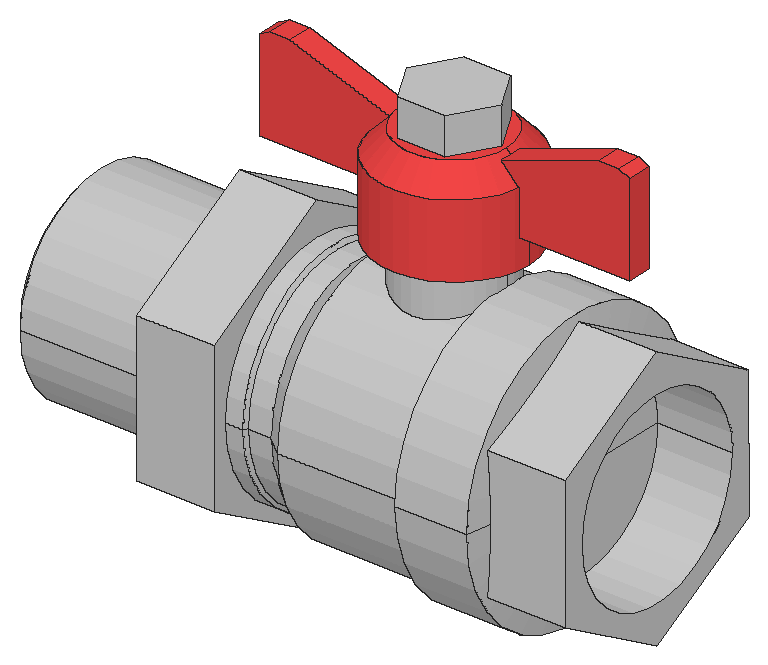
Revit family "РИДАН_BVR-FR_Кран шаровой ГОСТ полнопроходной с накидной гайкой и ниппелем", category Арматура трубопроводов, Revit 2019
Family settings
  Размер круглого соединителя = Использовать диаметр
  Тип детали = Вставляется
  На основе рабочей плоскости = Нет
  Всегда вертикально = Да
  При загрузке вырезать с полостями = Нет
  Общий = Нет
Parameters (values of type "DN32")
  Ручка_цвет = Ручка
  Корпус = Латунь никелированная
  Контакты_Производитель = "info@ridan.ru"  # constant formula
  Длина_УГО = t1  # 83.850 mm
  z = 17.000 mm
  y = size_lookup(LT, "y", 23.000 mm, ADSK_Диаметр условный)  # 15.130 mm
  x = size_lookup(LT, "x", 23.000 mm, ADSK_Диаметр условный)  # 22.000 mm
  w = size_lookup(LT, "w", 23.000 mm, ADSK_Диаметр условный)  # 15.560 mm
  v = size_lookup(LT, "v", 23.000 mm, ADSK_Диаметр условный)  # 0.940 mm
  u = size_lookup(LT, "u", 23.000 mm, ADSK_Диаметр условный)  # 14.750 mm
  t1 = size_lookup(LT, "t1", 23.000 mm, ADSK_Диаметр условный)  # 83.850 mm
  t = size_lookup(LT, "t", 23.000 mm, ADSK_Диаметр условный)  # 1.250 mm
  s1 = size_lookup(LT, "s1", 23.000 mm, ADSK_Диаметр условный)  # 15.750 mm
  s = size_lookup(LT, "s", 23.000 mm, ADSK_Диаметр условный)  # 24.500 mm
  r1 = size_lookup(LT, "r1", 23.000 mm, ADSK_Диаметр условный)  # 39.000 mm
  r = size_lookup(LT, "r", 23.000 mm, ADSK_Диаметр условный)  # 4.190 mm
  q = size_lookup(LT, "q", 23.000 mm, ADSK_Диаметр условный)  # 4.710 mm
  p1 = size_lookup(LT, "p1", 23.000 mm, ADSK_Диаметр условный)  # 7.500 mm
  p = size_lookup(LT, "p", 23.000 mm, ADSK_Диаметр условный)  # 0.480 mm
  o1 = size_lookup(LT, "o1", 23.000 mm, ADSK_Диаметр условный)  # 17.000 mm
  o = size_lookup(LT, "o", 23.000 mm, ADSK_Диаметр условный)  # 3.720 mm
  n1 = size_lookup(LT, "n1", 23.000 mm, ADSK_Диаметр условный)  # 11.400 mm
  n = size_lookup(LT, "n", 23.000 mm, ADSK_Диаметр условный)  # 16.000 mm
  m1 = size_lookup(LT, "m1", 23.000 mm, ADSK_Диаметр условный)  # 18.810 mm
  m = size_lookup(LT, "m", 23.000 mm, ADSK_Диаметр условный)  # 28.500 mm
  l1 = size_lookup(LT, "l1", 23.000 mm, ADSK_Диаметр условный)  # 6.070 mm
  l = size_lookup(LT, "l", 23.000 mm, ADSK_Диаметр условный)  # 1.500 mm
  k1 = size_lookup(LT, "k1", 23.000 mm, ADSK_Диаметр условный)  # 21.840 mm
  k = size_lookup(LT, "k", 23.000 mm, ADSK_Диаметр условный)  # 57.000 mm
  j1 = size_lookup(LT, "j1", 23.000 mm, ADSK_Диаметр условный)  # 7.280 mm
  j = size_lookup(LT, "j", 23.000 mm, ADSK_Диаметр условный)  # 54.500 mm
  i1 = size_lookup(LT, "i1", 23.000 mm, ADSK_Диаметр условный)  # 4.850 mm
  i = size_lookup(LT, "i", 23.000 mm, ADSK_Диаметр условный)  # 47.000 mm
  h1 = size_lookup(LT, "h1", 23.000 mm, ADSK_Диаметр условный)  # 15.170 mm
  h = size_lookup(LT, "h", 23.000 mm, ADSK_Диаметр условный)  # 45.000 mm
  g1 = size_lookup(LT, "g1", 23.000 mm, ADSK_Диаметр условный)  # 31.010 mm
  g = size_lookup(LT, "g", 23.000 mm, ADSK_Диаметр условный)  # 38.110 mm
  f1 = size_lookup(LT, "f1", 23.000 mm, ADSK_Диаметр условный)  # 20.450 mm
  f = size_lookup(LT, "f", 23.000 mm, ADSK_Диаметр условный)  # 41.900 mm
  e1 = size_lookup(LT, "e1", 23.000 mm, ADSK_Диаметр условный)  # 4.140 mm
  e = size_lookup(LT, "e", 23.000 mm, ADSK_Диаметр условный)  # 46.130 mm
  d1 = size_lookup(LT, "d1", 23.000 mm, ADSK_Диаметр условный)  # 2.180 mm
  d = size_lookup(LT, "d", 23.000 mm, ADSK_Диаметр условный)  # 47.800 mm
  c1 = size_lookup(LT, "c1", 23.000 mm, ADSK_Диаметр условный)  # 1.190 mm
  c = size_lookup(LT, "c", 23.000 mm, ADSK_Диаметр условный)  # 53.000 mm
  b1 = size_lookup(LT, "b1", 23.000 mm, ADSK_Диаметр условный)  # 5.760 mm
  b = size_lookup(LT, "b", 23.000 mm, ADSK_Диаметр условный)  # 53.000 mm
  a1 = size_lookup(LT, "a1", 23.000 mm, ADSK_Диаметр условный)  # 13.050 mm
  a = size_lookup(LT, "a", 23.000 mm, ADSK_Диаметр условный)  # 34.000 mm
  URL = "https://ridan.ru/"
  LT = "BVR-FR"  # constant formula
  ADSK_Расход жидкости [instance] = 0.0 L/s
  ADSK_Пропускная способность [instance] = size_lookup(LT, "Kv", 0.0 L/s, ADSK_Диаметр условный)  # 23.3333 L/s
  ADSK_Потеря давления жидкости [instance] = 100000.0 Pa * (ADSK_Расход жидкости / ADSK_Пропускная способность) ^ 2  # 0.0 Pa
  ADSK_Наименование = "Кран шаровой ГОСТ BVR-FR полнопроходной с накидной гайкой и ниппелем PN40, Tmax=120C, DN32"
  ADSK_Масса_Текст = ""
  ADSK_Масса = size_lookup(LT, "M", 0, ADSK_Диаметр условный)  # 0.9
  ADSK_Марка = size_lookup(LT, "Mark", "", ADSK_Диаметр условный)  # "BVR-FR DN32"
  ADSK_Количество = 1  # constant formula
  ADSK_Код изделия = size_lookup(LT, "", "", ADSK_Диаметр условный)  # "065B8306RG"
  ADSK_Завод-изготовитель = "ООО «Ридан-Трейд»"  # constant formula
  ADSK_Единица измерения = "шт."
  ADSK_Диаметр условный = 32 mm
  ADSK_Версия семейства = "1.0"  # constant formula
  ADSK_Версия Revit = "2019"  # constant formula
Types (5, lengths in mm): name | Длина_УГО | y | x | w | v | u | t1 | s1 | s | r1 | r | q | p1 | p | o1 | o | n1 | n | m1 | m | l1 | l | k1 | k | j1 | j | i1 | i | h1 | h | g1 | g | f1 | f | e1 | e | d1 | d | c1 | c | b1 | b | a1 | a | ADSK_Пропускная способность | ADSK_Наименование | ADSK_Масса | ADSK_Марка | ADSK_Код изделия | ADSK_Диаметр условный
  (no name) | 83.850 | 15.130 | 22.000 | 15.560 | 0.940 | 14.750 | 83.850 | 15.750 | 24.500 | 39.000 | 4.190 | 4.710 | 7.500 | 0.480 | 17.000 | 3.720 | 11.400 | 16.000 | 18.810 | 28.500 | 6.070 | 1.500 | 21.840 | 57.000 | 7.280 | 54.500 | 4.850 | 47.000 | 15.170 | 45.000 | 31.010 | 38.110 | 20.450 | 41.900 | 4.140 | 46.130 | 2.180 | 47.800 | 1.190 | 53.000 | 5.760 | 53.000 | 13.050 | 34.000 | 23.3333 L/s | "Кран шаровой ГОСТ BVR-FR полнопроходной с накидной гайкой и ниппелем PN40, Tmax=120C, DN32" | 0.9 | "BVR-FR DN32" | "065B8306RG" | 32
  DN15 | 52.230 | 10.350 | 15.000 | 8.920 | 1.080 | 12.250 | 52.230 | 9.850 | 12.850 | 19.000 | 1.150 | 2.500 | 4.000 | 0.780 | 13.000 | 0.800 | 8.630 | 12.000 | 12.500 | 17.300 | 5.000 | 1.200 | 16.500 | 30.000 | 4.000 | 27.500 | 3.000 | 25.000 | 11.500 | 20.000 | 20.910 | 18.300 | 5.620 | 20.700 | 6.250 | 23.500 | 4.000 | 26.400 | 2.000 | 27.500 | 3.620 | 30.000 | 11.500 | 17.000 | 3.88889 L/s | "Кран шаровой ГОСТ BVR-FR полнопроходной с накидной гайкой и ниппелем PN40, Tmax=120C, DN15" | 0.27 | "BVR-FR DN15" | "065B8303RG" | 15
  DN20 | 54.570 | 9.990 | 15.000 | 10.030 | 0.470 | 11.750 | 54.570 | 11.100 | 14.990 | 24.500 | 1.010 | 1.250 | 4.000 | 0.620 | 13.000 | 0.800 | 8.630 | 13.000 | 12.500 | 19.800 | 5.000 | 1.200 | 16.500 | 35.500 | 4.000 | 33.000 | 3.000 | 30.000 | 11.500 | 25.000 | 20.910 | 24.000 | 5.740 | 26.400 | 6.130 | 29.500 | 4.000 | 31.810 | 2.000 | 33.000 | 3.620 | 36.500 | 8.880 | 19.500 | 7.22222 L/s | "Кран шаровой ГОСТ BVR-FR полнопроходной с накидной гайкой и ниппелем PN40, Tmax=120C, DN20" | 0.37 | "BVR-FR DN20" | "065B8304RG" | 20
  DN25 | 62.840 | 11.700 | 19.000 | 13.400 | 0.600 | 13.250 | 62.840 | 12.250 | 16.700 | 30.500 | 1.300 | 3.500 | 5.970 | 1.290 | 17.000 | 0.800 | 9.390 | 14.000 | 15.500 | 21.500 | 5.000 | 1.500 | 18.000 | 44.000 | 6.000 | 41.500 | 4.000 | 37.000 | 12.500 | 35.000 | 26.050 | 30.000 | 7.070 | 33.000 | 9.190 | 37.000 | 5.810 | 41.500 | 5.000 | 41.900 | 4.760 | 47.000 | 10.740 | 28.000 | 10.0 L/s | "Кран шаровой ГОСТ BVR-FR полнопроходной с накидной гайкой и ниппелем PN40, Tmax=120C, DN25" | 0.63 | "BVR-FR DN25" | "065B8305RG" | 25
  DN32 | 83.850 | 15.130 | 22.000 | 15.560 | 0.940 | 14.750 | 83.850 | 15.750 | 24.500 | 39.000 | 4.190 | 4.710 | 7.500 | 0.480 | 17.000 | 3.720 | 11.400 | 16.000 | 18.810 | 28.500 | 6.070 | 1.500 | 21.840 | 57.000 | 7.280 | 54.500 | 4.850 | 47.000 | 15.170 | 45.000 | 31.010 | 38.110 | 20.450 | 41.900 | 4.140 | 46.130 | 2.180 | 47.800 | 1.190 | 53.000 | 5.760 | 53.000 | 13.050 | 34.000 | 23.3333 L/s | "Кран шаровой ГОСТ BVR-FR полнопроходной с накидной гайкой и ниппелем PN40, Tmax=120C, DN32" | 0.9 | "BVR-FR DN32" | "065B8306RG" | 32
Reference planes
  plane 1 "По центру (Вперед/Назад)": y = 0
  plane 2: z = 0
  plane 3 "По центру (Влево/Вправо)": x = 0
  plane 4: x = -15.13
  plane 5: x = 9.37
  plane 6: x = 10.62
  plane 7: x = 25.37
  plane 8: x = 26.31
  plane 9: x = -19.32
  plane 10: x = -24.03
  plane 11: x = -24.51
  plane 12: x = -28.23
  plane 13: y = 28.5
  plane 14: y = 26.5
  plane 15: y = 23.065
  plane 16: y = 23.9
  plane 17: y = -28.5
  plane 18: y = -26.5
  plane 19: y = -23.065
  plane 20: y = -23.9
  plane 21: x = -44.23
  plane 22: x = -72.73
  plane 23: x = -74.23
  plane 24: x = 0
  plane 25: y = 10
  plane 26: y = 20.95
  plane 27: y = 19.055
  plane 28: y = -20.95
  plane 29: y = -19.055
  plane 30: x = 41.87
  plane 31: y = 22.5
  plane 32: y = -22.5
  plane 33: x = -11
  plane 34: x = 11
  plane 35: z = 34
  plane 36: z = 49.17
  plane 37: z = 54.02
  plane 38: x = -15.505
  plane 39: x = 15.505
  plane 40: x = -10.92
  plane 41: x = 10.92
  plane 42: x = -38.17
  plane 43: x = -35.99
  plane 44: x = -31.85
  plane 45: x = -11.4
  plane 46: z = 60.07
  plane 47: z = 53.12
  plane 48: z = 40.07
  plane 49: z = 58.88
  plane 50: x = 38.17
  plane 51: x = 35.99
  plane 52: x = 31.85
  plane 53: x = 11.4
  plane 54: z = 61.52
  plane 55: x = -58.48
Forms (mm)
  Revolve 1, solid, material "Латунь никелированная" <- "Корпус", detail levels fine
    sketch origin (0, 0, 0) x (1, 0, 0) y (0, 1, 0)
      loop
        line (25.37, -28.5) -> (26.31, -22.5) -> (26.31, 0) -> (-28.23, 0) -> (-28.23, -23.9) -> (-24.51, -23.9) -> (-24.025, -23.065) -> (-19.325, -23.065) -> (-15.13, -26.5) -> (9.37, -26.5) -> (10.62, -28.5) -> (25.37, -28.5)
      axis (-28.23, 0) -> (26.31, 0)
    angle from 0 to 360
  Extrusion 2, solid, material "Латунь никелированная" <- "Корпус", detail levels fine
    sketch origin (0, 0, 0) x (0, 1, 0) y (0, 0, 1)
      loop
        line (0, 30.6) -> (-26.5, 15.3) -> (-26.5, -15.3) -> (0, -30.6) -> (26.5, -15.3) -> (26.5, 15.3) -> (0, 30.6)
    from -44.23 to -28.23
  Revolve 3, solid, material "Латунь никелированная" <- "Корпус", detail levels fine
    sketch origin (0, 0, 0) x (1, 0, 0) y (0, 1, 0)
      loop
        line (-44.23, 20.95) -> (-72.73, 20.95) -> (-74.23, 19.055) -> (-74.23, 0) -> (-44.23, 0) -> (-44.23, 20.95)
      axis (-74.23, 0) -> (-44.23, 0)
    angle from 0 to 360
  Revolve 4, solid, material "Латунь никелированная" <- "Корпус", detail levels fine
    sketch origin (0, 0, 0) x (1, 0, 0) y (0, 0, 1)
      loop
        line (-11, 34) -> (-11, 0) -> (0, 0) -> (0, 34) -> (-11, 34)
      axis (0, 34) -> (0, 0)
    angle from 0 to 360
  Revolve 5, solid, material "Ручка" <- "Ручка_цвет", detail levels fine
    sketch origin (0, 0, 0) x (1, 0, 0) y (0, 0, 1)
      loop
        line (-15.505, 49.17) -> (-15.505, 34) -> (0, 34) -> (0, 49.17) -> (-15.505, 49.17)
      axis (0, 49.17) -> (0, 34)
    angle from 0 to 360
  Extrusion 6, solid, material "Ручка" <- "Ручка_цвет", detail levels fine
    sketch origin (0, 0, 0) x (1, 0, 0) y (0, 0, 1)
      loop
        line (-11.4, 40.07) -> (-11.4, 53.12) -> (-31.85, 60.07) -> (-35.99, 60.07) -> (-38.17, 58.88) -> (-38.17, 40.07) -> (-11.4, 40.07)
    from -2.5 to 2.5
  Extrusion 7, solid, material "Ручка" <- "Ручка_цвет", detail levels fine
    sketch origin (0, 0, 0) x (-1, 0, 0) y (0, 0, -1)
      loop
        line (-11.4, -40.07) -> (-38.17, -40.07) -> (-38.17, -58.88) -> (-35.99, -60.07) -> (-31.85, -60.07) -> (-11.4, -53.12) -> (-11.4, -40.07)
    from -2.5 to 2.5
  Extrusion 8, solid, material "Латунь никелированная" <- "Корпус", detail levels fine
    sketch origin (0, 0, 0) x (1, 0, 0) y (0, 1, 0)
      loop
        line (9.815, 0) -> (4.907, 8.5) -> (-4.907, 8.5) -> (-9.815, 0) -> (-4.907, -8.5) -> (4.907, -8.5) -> (9.815, 0)
    from 54.02 to 61.52
  Blend 9, solid, material "Ручка" <- "Ручка_цвет", detail levels fine
    base sketch origin (0, 0, 0) x (1, 0, 0) y (0, 1, 0)
      loop
        circle (0, 0) r 15.505
    top sketch origin (0, 0, 0) x (1, 0, 0) y (0, 1, 0)
      loop
        circle (0, 0) r 10.92
    from 49.17 to 54.02
  Extrusion 10, void
    sketch origin (0, 0, 0) x (0, 1, 0) y (0, 0, 1)
      loop
        circle (0, 0) r 19.5
    from 25.37 to 41.87
  Extrusion 11, solid, material "Латунь никелированная" <- "Корпус", detail levels fine
    sketch origin (0, 0, 0) x (0, 1, 0) y (0, 0, 1)
      loop
        line (0, 27.135) -> (-23.5, 13.568) -> (-23.5, -13.568) -> (0, -27.135) -> (23.5, -13.568) -> (23.5, 13.568) -> (0, 27.135)
    from 25.37 to 41.87
Cuts and joins
  Extrusion 10 cuts Extrusion 11
Dimensions and locks
  "s": plane 4 to plane 5
  "r": plane 9 to plane 4
  "q": plane 10 to plane 9
  "p": plane 11 to plane 10
  "o": plane 12 to plane 11
  "t": plane 5 to plane 6
  "u": plane 6 to plane 7
  "v": plane 7 to plane 8
  plane 7 to plane 12 = 53.600 mm
  "y": plane 4 to plane 3 "По центру (Влево/Вправо)"
  equal spacing: plane 13, plane 1 "По центру (Вперед/Назад)", plane 17
  "k": plane 13 to plane 17
  equal spacing: plane 18, plane 1 "По центру (Вперед/Назад)", plane 14
  "c": plane 18 to plane 14
  equal spacing: plane 19, plane 1 "По центру (Вперед/Назад)", plane 15
  "e": plane 19 to plane 15
  equal spacing: plane 20, plane 1 "По центру (Вперед/Назад)", plane 16
  "d": plane 20 to plane 16
  "n": plane 21 to plane 12
  "m": plane 22 to plane 21
  "l": plane 23 to plane 22
  equal spacing: plane 29, plane 1 "По центру (Вперед/Назад)", plane 27
  "g": plane 29 to plane 27
  equal spacing: plane 28, plane 1 "По центру (Вперед/Назад)", plane 26
  "f": plane 28 to plane 26
  "w": plane 8 to plane 30
  equal spacing: plane 31, plane 1 "По центру (Вперед/Назад)", plane 32
  "h": plane 31 to plane 32
  equal spacing: plane 34, plane 3 "По центру (Влево/Вправо)", plane 33
  "x": plane 34 to plane 33
  "a": plane 35 to level
  equal spacing: plane 39, plane 3 "По центру (Влево/Вправо)", plane 38
  "g1": plane 39 to plane 38
  "h1": plane 36 to plane 35
  equal spacing: plane 41, plane 3 "По центру (Влево/Вправо)", plane 40
  "k1": plane 41 to plane 40
  "i1": plane 37 to plane 36
  "c1": plane 46 to plane 49
  "f1": plane 45 to plane 44
  "e1": plane 44 to plane 43
  "d1": plane 43 to plane 42
  "l1": plane 48 to plane 35
  "m1": plane 49 to plane 48
  "b1": plane 49 to plane 47
  "n1": plane 3 "По центру (Влево/Вправо)" to plane 45
  "f1": plane 53 to plane 52
  "e1": plane 52 to plane 51
  "d1": plane 51 to plane 50
  "n1": plane 3 "По центру (Влево/Вправо)" to plane 53
  equal spacing: Extrusion 8 sketch curve, plane 3 "По центру (Влево/Вправо)", Extrusion 8 sketch curve  (x2)
  equal spacing: Extrusion 8 sketch curve, plane 1 "По центру (Вперед/Назад)", Extrusion 8 sketch curve
  "o1": Extrusion 8 sketch curve to Extrusion 8 sketch curve  (x2)
  "p1": plane 54 to plane 37
  "s1": plane 55 to plane 23
  equal spacing: Extrusion 2 sketch curve, plane 1 "По центру (Вперед/Назад)", Extrusion 2 sketch curve
  equal spacing: Extrusion 2 sketch curve, Revolve 4, Extrusion 2 sketch curve  (x2)
  "b": Extrusion 2 sketch curve to Extrusion 2 sketch curve  (x2)
  equal spacing: Extrusion 11 sketch curve, plane 1 "По центру (Вперед/Назад)", Extrusion 11 sketch curve
  equal spacing: Extrusion 11 sketch curve, Revolve 4, Extrusion 11 sketch curve  (x2)
  "i": Extrusion 11 sketch curve to Extrusion 11 sketch curve  (x2)
  "g1": diameter of Blend 9 sketch curve
  "k1": diameter of Blend 9 sketch curve
  "r1": diameter of Extrusion 10 sketch curve
  angle Extrusion 2 sketch curve to Extrusion 2 sketch curve = 120.00°  (x6)
  angle Extrusion 8 sketch curve to Extrusion 8 sketch curve = 120.00°  (x6)
  angle Extrusion 11 sketch curve to Extrusion 11 sketch curve = 120.00°  (x6)
  aligned and locked: level to plane 2
  aligned and locked: Revolve 1 sketch curve to plane 17
  aligned and locked: plane 18 to Revolve 1 sketch curve
  aligned and locked: plane 19 to Revolve 1 sketch curve
  aligned and locked: Revolve 1 sketch curve to plane 12
  aligned and locked: Revolve 1 sketch curve to plane 20
  aligned and locked: plane 21 to Revolve 3 sketch curve
  aligned and locked: Revolve 3 sketch curve to plane 26
  aligned and locked: Revolve 3 sketch curve to plane 23
  aligned and locked: plane 1 "По центру (Вперед/Назад)" to Revolve 3 sketch curve
  aligned and locked: Revolve 1 sketch curve to plane 8
  aligned and locked: Revolve 4 sketch curve to plane 35
  aligned and locked: plane 33 to Revolve 4 sketch curve
  aligned and locked: plane 2 to Revolve 4 sketch curve
  aligned and locked: Revolve 4 sketch curve to plane 3 "По центру (Влево/Вправо)"
  aligned and locked: plane 38 to Revolve 5 sketch curve
  aligned and locked: Revolve 5 sketch curve to Revolve 4
  aligned and locked: Revolve 5 sketch curve to plane 3 "По центру (Влево/Вправо)"
  aligned and locked: Revolve 5 sketch curve to plane 36
  aligned and locked: Extrusion 8 to plane 37
  aligned and locked: Extrusion 8 to plane 54
  aligned and locked: Blend 9 to plane 36
  aligned and locked: plane 37 to Blend 9
  aligned and locked: Extrusion 10 to plane 7
  aligned and locked: plane 30 to Extrusion 10
  aligned and locked: plane 12 to Extrusion 2
  aligned and locked: Extrusion 2 to plane 21
  aligned and locked: Extrusion 11 to plane 7
  aligned and locked: plane 30 to Extrusion 11
  aligned and locked: nested 1 to plane 55
Automatic sketch dimensions
  plane 1 "По центру (Вперед/Назад)" to Revolve 1 sketch curve = 0.000 mm  (x2)
  Revolve 1 sketch curve to plane 11 = 0.000 mm
  Revolve 1 sketch curve to plane 4 = 0.000 mm
  Revolve 1 sketch curve to plane 5 = 0.000 mm
  Revolve 1 sketch curve to plane 6 = 0.000 mm
  Revolve 1 sketch curve to plane 7 = 0.000 mm
  plane 32 to Revolve 1 sketch curve = 0.000 mm
  plane 10 to Revolve 1 sketch curve = 0.005 mm
  Revolve 1 sketch curve to plane 9 = 0.005 mm
  Revolve 1 sketch curve to plane 12 = 1.962 mm
  plane 51 to Revolve 1 sketch curve = 1.251 mm
  plane 1 "По центру (Вперед/Назад)" to Revolve 3 sketch curve = 0.000 mm
  Revolve 3 sketch curve to plane 22 = 0.000 mm
  plane 27 to Revolve 3 sketch curve = 0.000 mm
  Revolve 3 sketch curve to Revolve 3 sketch curve = 1.941 mm
  Revolve 3 sketch curve to plane 42 = 1.212 mm
  Revolve 4 sketch curve to plane 3 "По центру (Влево/Вправо)" = 0.000 mm
  Revolve 4 sketch curve to level = 5.456 mm
  plane 48 to Revolve 4 sketch curve = 1.323 mm
  Revolve 5 sketch curve to plane 3 "По центру (Влево/Вправо)" = 0.000 mm
  Revolve 5 sketch curve to plane 35 = 1.181 mm
  plane 47 to Revolve 5 sketch curve = 0.684 mm
  Extrusion 6 sketch curve to plane 42 = 0.000 mm
  Extrusion 6 sketch curve to plane 43 = 0.000 mm
  Extrusion 6 sketch curve to plane 44 = 0.000 mm
  Extrusion 6 sketch curve to plane 45 = 0.000 mm
  Extrusion 6 sketch curve to plane 48 = 0.000 mm
  Extrusion 6 sketch curve to plane 47 = 0.000 mm
  Extrusion 6 sketch curve to plane 49 = 0.000 mm
  Extrusion 6 sketch curve to plane 46 = 0.000 mm
  Extrusion 7 sketch curve to plane 48 = 0.000 mm
  plane 50 to Extrusion 7 sketch curve = 0.000 mm
  Extrusion 7 sketch curve to plane 46 = 0.000 mm
  plane 51 to Extrusion 7 sketch curve = 0.000 mm
  plane 52 to Extrusion 7 sketch curve = 0.000 mm
  Extrusion 7 sketch curve to plane 47 = 0.000 mm
  plane 53 to Extrusion 7 sketch curve = 0.000 mm
  Extrusion 7 sketch curve to plane 49 = 0.000 mm
  Extrusion 2 sketch curve to plane 1 "По центру (Вперед/Назад)" = 0.000 mm
  plane 1 "По центру (Вперед/Назад)" to Extrusion 8 sketch curve = 0.000 mm
  plane 1 "По центру (Вперед/Назад)" to Blend 9 sketch curve = 0.000 mm  (x2)
  Blend 9 sketch curve to plane 3 "По центру (Влево/Вправо)" = 0.000 mm  (x2)
  Extrusion 10 sketch curve to level = 0.000 mm
  Extrusion 10 sketch curve to plane 1 "По центру (Вперед/Назад)" = 0.000 mm
  Extrusion 11 sketch curve to plane 1 "По центру (Вперед/Назад)" = 0.000 mm
Nested families
  nested 1: "УГО_запорного_клапана" at (-16.555, 0, 0), Длина_УГО <- "Длина_УГО", type "УГО_запорного_клапана", detail levels coarse+medium
    with Длина_УГО 83.850 mm, Высота_УГО 48.411 mm
Connectors
  piping at (-58.48, 0, 0), diameter 32, driven by "ADSK_Диаметр условный", driven by "ADSK_Расход жидкости", driven by "ADSK_Потеря давления жидкости"
    settings: on plane 55, index 1, connector inside diameter 609.6 mm, connector length 0.000 mm, flow factor 0, pipe flow 0.0 L/s, pressure drop 0.0 Pa, fitting loss kfactor 0, connector angle 0.00°, fixture units 0, engagement length 0.000 mm, angle of deflection 0.00°, flow configuration 0, flow direction 2, fitting loss method 4, system type 29, joint type 0, gender type 0, connector reference index -1, connector utility 0, adjustable connector no, is connector primary yes, connector description ""
  piping at (25.37, 0, 0), diameter 32, driven by "ADSK_Диаметр условный", driven by "ADSK_Расход жидкости"
    settings: on plane 7, index 2, connector inside diameter 609.6 mm, connector length 0.000 mm, flow factor 0, pipe flow 0.0 L/s, pressure drop 0.0 Pa, fitting loss kfactor 0, connector angle 0.00°, fixture units 0, engagement length 0.000 mm, angle of deflection 0.00°, flow configuration 0, flow direction 1, fitting loss method 0, system type 29, joint type 0, gender type 0, connector reference index -1, connector utility 0, adjustable connector no, is connector primary no, connector description ""
Definition of nested family "УГО_запорного_клапана"
  Parameters (values of type "УГО_запорного_клапана")
    Длина_УГО [instance] = 100.000 mm
    Высота_УГО [instance] = (Длина_УГО / 2) / cos(30.00°)  # 57.735 mm
  Reference planes
    plane 1 "По центру (Вперед/Назад)": y = 0
    plane 2: z = 0
    plane 3 "По центру (Влево/Вправо)": x = 0
    plane 4: x = -50
    plane 5: x = 50
    plane 6: z = 28.868
    plane 7: z = -28.868
  Forms (mm)
    Extrusion 1, solid
      sketch origin (0, 0, 0) x (1, 0, 0) y (0, 0, 1)
        loop
          line (-50, 28.868) -> (-50, -28.868) -> (0, 0) -> (-50, 28.868)
      from -0.5 to 0.5
    Extrusion 2, solid
      sketch origin (0, 0, 0) x (1, 0, 0) y (0, 0, 1)
        loop
          line (50, 28.868) -> (0, 0) -> (50, -28.868) -> (50, 28.868)
      from -0.5 to 0.5
  Dimensions and locks
    equal spacing: plane 5, plane 3 "По центру (Влево/Вправо)", plane 4
    "Длина_УГО": plane 5 to plane 4
    equal spacing: plane 6, level, plane 7
    "Высота_УГО": plane 6 to plane 7
    aligned and locked: level to plane 2
    aligned and locked: Extrusion 1 sketch curve to plane 4
    aligned and locked: Extrusion 2 sketch curve to plane 5
    aligned and locked: plane 6 to Extrusion 1 sketch curve
    aligned and locked: plane 7 to Extrusion 1 sketch curve
    aligned and locked: plane 6 to Extrusion 2 sketch curve
    aligned and locked: plane 7 to Extrusion 2 sketch curve
  Automatic sketch dimensions
    Extrusion 1 sketch curve to level = 0.000 mm
    Extrusion 1 sketch curve to plane 3 "По центру (Влево/Вправо)" = 0.000 mm
    Extrusion 2 sketch curve to level = 0.000 mm
    Extrusion 2 sketch curve to plane 3 "По центру (Влево/Вправо)" = 0.000 mm
